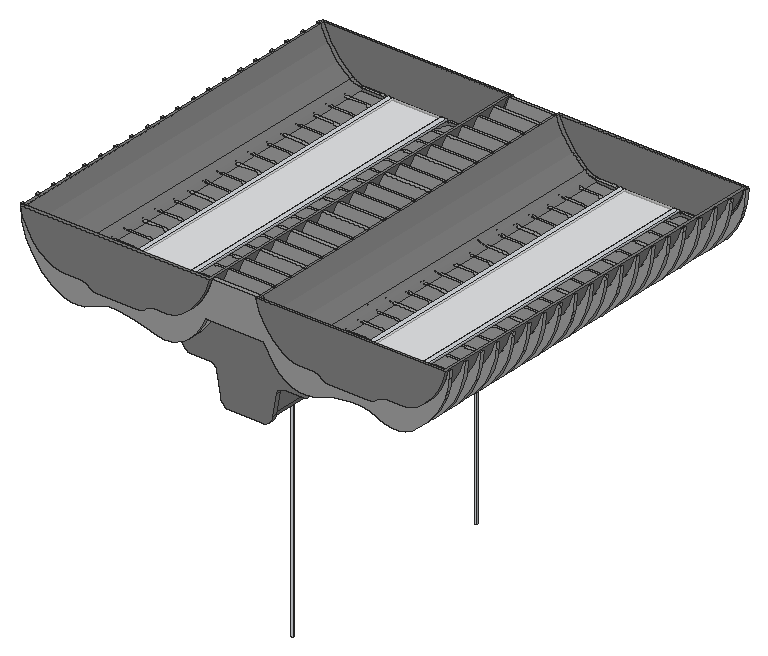
Revit family "0039268 Feilo Sylvania Lighting Fixtures SYLBAY LED 4000K 18-5KLM AISLE DALI", category Lighting Fixtures, host Face, Revit 2017 (continued)
Definition of nested family "SylbayBody"
  Definition of nested family "SlybayRib"
    Dimensions and locks
      locked: plane 3 "Center (Left/Right)" to Extrusion 2 sketch curve at 83.982  (x2)
      locked: plane 3 "Center (Left/Right)" to Extrusion 2 sketch curve at 79.005  (x2)
      locked: plane 3 "Center (Left/Right)" to Extrusion 2 sketch curve at 119.907  (x2)
      locked: plane 3 "Center (Left/Right)" to Extrusion 2 sketch curve at 61.405  (x2)
      locked: plane 3 "Center (Left/Right)" to Extrusion 2 sketch curve at 138.973  (x2)
      locked: plane 3 "Center (Left/Right)" to Extrusion 2 sketch curve at 84.583  (x2)
      locked: plane 3 "Center (Left/Right)" to Extrusion 2 sketch curve at 117.917  (x2)
      locked: plane 3 "Center (Left/Right)" to Extrusion 2 sketch curve at 132.583  (x2)
      locked: plane 3 "Center (Left/Right)" to Extrusion 2 sketch curve at 69.917  (x2)
      locked: Extrusion 2 sketch curve to plane 6 at 21.825  (x2)
      locked: Extrusion 2 sketch curve to plane 6 at 0.822  (x2)
      locked: plane 6 to Extrusion 2 sketch curve at 10.994  (x2)
      locked: plane 6 to Extrusion 2 sketch curve at 15.285  (x2)
      locked: plane 6 to Extrusion 2 sketch curve at 31.076  (x2)
      locked: plane 6 to Extrusion 2 sketch curve at 33.728  (x4)
      locked: plane 6 to Extrusion 2 sketch curve at 29.917  (x2)
      locked: plane 6 to Extrusion 2 sketch curve at 47.728  (x4)
      locked: plane 6 to Extrusion 2 sketch curve at 100.413  (x2)
      locked: plane 6 to Extrusion 2 sketch curve at 141.419  (x2)
      locked: plane 3 "Center (Left/Right)" to Extrusion 2 sketch curve at 106.788  (x2)
      locked: plane 3 "Center (Left/Right)" to Extrusion 2 sketch curve at 104.198  (x2)
      locked: plane 3 "Center (Left/Right)" to Extrusion 2 sketch curve at 130.69  (x2)
      locked: Extrusion 2 sketch curve to plane 6 at 14.858  (x2)
      locked: plane 6 to Extrusion 2 sketch curve at 10.032  (x2)
      locked: plane 3 "Center (Left/Right)" to Extrusion 2 sketch curve at 145.75  (x2)
      aligned and locked: plane 2 to Extrusion 1
      aligned and locked: level to Extrusion 1
      aligned and locked: plane 6 to Extrusion 2 sketch curve
      aligned and locked: plane 4 to Extrusion 2 sketch curve
      aligned and locked: plane 17 to Extrusion 2 sketch curve
      aligned and locked: plane 14 to Extrusion 2 sketch curve
      aligned and locked: Extrusion 2 sketch curve to plane 17
      aligned and locked: plane 8 to Extrusion 2 sketch curve  (x3)
      aligned and locked: plane 2 to plane 6
      aligned and locked: plane 20 to Extrusion 2 sketch curve
      aligned and locked: plane 11 to Extrusion 2 sketch curve  (x2)
      aligned and locked: plane 12 to Extrusion 2 sketch curve
      aligned and locked: Extrusion 2 sketch curve to plane 6
      aligned and locked: Extrusion 2 sketch curve to level
      aligned and locked: Extrusion 2 sketch curve to plane 11
    Automatic sketch dimensions
      Extrusion 1 sketch curve to Extrusion 1 sketch curve = 2438.4 mm  (x2)
      Extrusion 2 sketch curve to plane 11 = 0 mm  (x6)
      Extrusion 2 sketch curve to plane 8 = 0 mm  (x7)
      Extrusion 2 sketch curve to plane 17 = 0 mm
      Extrusion 2 sketch curve to plane 5 = 0 mm
      Extrusion 2 sketch curve to plane 14 = 0 mm
      Extrusion 2 sketch curve to plane 17 = 2 mm  (x3)
      Extrusion 2 sketch curve to plane 15 = 1.167 mm
      plane 14 to Extrusion 2 sketch curve = 2 mm  (x3)
      Extrusion 2 sketch curve to plane 19 = 1.167 mm
Definition of nested family "SlybayRib"
  Parameters (values of type "SylbayRib")
    URL = "http://www.feilosylvania.com"
    Type Image = (empty or 0)
    Type Comments = "n/a"
    RibThickness_FEILO = 2.5 mm
    RibExtrusionStart_FEILO = RibThickness_FEILO / 2  # 1.25 mm
    RibExtrusionEnd_FEILO = -RibThickness_FEILO / 2  # -1.25 mm
    RibDistance_FEILO = 0 mm
    Model = ""
    Manufacturer = "Feilo Sylvania"
    Keynote = ""
    Description = "n/a"
    Default Elevation = 1219.2 mm
    Cost = 0
    BodyMaterial = none
    Assembly Code = ""
  Reference planes
    plane 1 "Center (Front/Back)": y = 0
    plane 2: z = 0
    plane 3 "Center (Left/Right)": x = 0
    plane 4: x = -187.5
    plane 5: x = 187.5
    plane 6: z = 0
    plane 7: z = -62.478
    plane 8: z = -53.728
    plane 9: x = -102.75
    plane 10: x = 102.75
    plane 11: z = -33.728
    plane 12: x = -185.5
    plane 13: x = -20
    plane 14: z = -43.728
    plane 15: x = -122.75
    plane 16: x = -82.75
    plane 17: z = -37.728
    plane 18: x = -130.75
    plane 19: x = -74.75
    plane 20: x = -145.75
    plane 21: x = -59.75
    plane 22: x = -25.3
  Forms (mm)
    Extrusion 1, solid
      sketch origin (4.2, 0, 0) x (1, 0, 0) y (0, 1, 0)
        loop
          line (-1219.2, 1219.2) -> (-1219.2, -1219.2) -> (1219.2, -1219.2) -> (1219.2, 1219.2) -> (-1219.2, 1219.2)
      from 0 to -304.8
    Extrusion 2, solid, material <- "BodyMaterial"
      sketch origin (0, 0, 0) x (1, 0, 0) y (0, 0, 1)
        loop
          arc (-187.5, 0) -> (-180.003, -30.129) -> (-159.829, -53.728) r 67.598
          arc (-159.829, -53.728) -> (-143.258, -61.567) -> (-125.169, -58.599) r 30.791
          arc (-125.169, -58.599) -> (-113.533, -54.576) -> (-101.25, -53.728) r 46.777
          arc (-101.25, -53.728) -> (-87.202, -55.765) -> (-73.664, -60.037) r 87.865
          arc (-73.664, -60.037) -> (-55.541, -61.903) -> (-39.258, -53.728) r 32.519
          arc (-39.258, -53.728) -> (-31.199, -44.469) -> (-25.254, -33.728) r 58.361
          line (-25.254, -33.728) -> (25.254, -33.728)
          arc (25.254, -33.728) -> (31.199, -44.469) -> (39.258, -53.728) r 58.361
          arc (39.258, -53.728) -> (55.541, -61.903) -> (73.664, -60.037) r 32.519
          arc (73.664, -60.037) -> (87.202, -55.765) -> (101.25, -53.728) r 87.865
          arc (101.25, -53.728) -> (113.533, -54.576) -> (125.169, -58.599) r 46.777
          arc (125.169, -58.599) -> (143.258, -61.567) -> (159.829, -53.728) r 30.791
          arc (159.829, -53.728) -> (180.003, -30.129) -> (187.5, 0) r 67.598
          line (187.5, 0) -> (185.5, 0)
          arc (185.5, 0) -> (176.046, -19.314) -> (160.088, -33.728) r 56.788
          arc (160.088, -33.728) -> (153.193, -36.71) -> (145.75, -37.728) r 27.697
          line (145.75, -37.728) -> (132.583, -37.728)
          arc (132.583, -37.728) -> (129.421, -38.242) -> (126.583, -39.728) r 10
          line (126.583, -39.728) -> (123.917, -41.728)
          arc (123.917, -41.728) -> (121.079, -43.215) -> (117.917, -43.728) r 10
          line (117.917, -43.728) -> (84.583, -43.728)
          arc (84.583, -43.728) -> (81.421, -43.215) -> (78.583, -41.728) r 10
          line (78.583, -41.728) -> (75.917, -39.728)
          arc (75.917, -39.728) -> (73.079, -38.242) -> (69.917, -37.728) r 10
          line (69.917, -37.728) -> (58.25, -37.728)
          arc (58.25, -37.728) -> (51.55, -36.705) -> (45.461, -33.728) r 22.443
          arc (45.461, -33.728) -> (30.027, -18.905) -> (20, 0) r 67.602
          line (20, 0) -> (-20, 0)
          arc (-20, 0) -> (-30.027, -18.905) -> (-45.461, -33.728) r 67.602
          arc (-45.461, -33.728) -> (-51.55, -36.705) -> (-58.25, -37.728) r 22.443
          line (-58.25, -37.728) -> (-69.917, -37.728)
          arc (-69.917, -37.728) -> (-73.079, -38.242) -> (-75.917, -39.728) r 10
          line (-75.917, -39.728) -> (-78.583, -41.728)
          arc (-78.583, -41.728) -> (-81.421, -43.215) -> (-84.583, -43.728) r 10
          line (-84.583, -43.728) -> (-117.917, -43.728)
          arc (-117.917, -43.728) -> (-121.079, -43.215) -> (-123.917, -41.728) r 10
          line (-123.917, -41.728) -> (-126.583, -39.728)
          arc (-126.583, -39.728) -> (-129.421, -38.242) -> (-132.583, -37.728) r 10
          line (-132.583, -37.728) -> (-145.75, -37.728)
          arc (-145.75, -37.728) -> (-153.193, -36.71) -> (-160.088, -33.728) r 27.697
          arc (-160.088, -33.728) -> (-176.046, -19.314) -> (-185.5, 0) r 56.788
          line (-185.5, 0) -> (-187.5, 0)
      from 1.25 <- "RibExtrusionStart_FEILO" to -1.25 <- "RibExtrusionEnd_FEILO"
  Dimensions and locks
    equal spacing: plane 5, plane 3 "Center (Left/Right)", plane 4
    locked: plane 5 to plane 4 at 375
    locked: plane 6 to plane 7 at 62.478
    locked: plane 6 to plane 8 at 53.728
    equal spacing: plane 10, plane 3 "Center (Left/Right)", plane 9
    plane 3 "Center (Left/Right)" to plane 9 = 102.75 mm
    locked: plane 6 to plane 11 at 33.728
    equal spacing: plane 13, plane 9, plane 12
    locked: plane 14 to plane 8 at 10
    equal spacing: plane 16, plane 9, plane 15
    locked: plane 9 to plane 15 at 20
    locked: plane 17 to plane 14 at 6
    equal spacing: plane 19, plane 9, plane 18
    locked: plane 15 to plane 18 at 8
    equal spacing: plane 21, plane 9, plane 20
    locked: plane 18 to plane 20 at 15
    locked: plane 13 to plane 22 at 5.3
    locked: plane 3 "Center (Left/Right)" to Extrusion 2 sketch curve at 83.982  (x2)
    locked: plane 3 "Center (Left/Right)" to Extrusion 2 sketch curve at 79.005  (x2)
    locked: plane 3 "Center (Left/Right)" to Extrusion 2 sketch curve at 119.907  (x2)
    locked: plane 3 "Center (Left/Right)" to Extrusion 2 sketch curve at 61.405  (x2)
    locked: plane 3 "Center (Left/Right)" to Extrusion 2 sketch curve at 138.973  (x2)
    locked: plane 3 "Center (Left/Right)" to Extrusion 2 sketch curve at 84.583  (x2)
    locked: plane 3 "Center (Left/Right)" to Extrusion 2 sketch curve at 117.917  (x2)
    locked: plane 3 "Center (Left/Right)" to Extrusion 2 sketch curve at 132.583  (x2)
    locked: plane 3 "Center (Left/Right)" to Extrusion 2 sketch curve at 69.917  (x2)
    locked: Extrusion 2 sketch curve to plane 6 at 21.825  (x2)
    locked: Extrusion 2 sketch curve to plane 6 at 0.822  (x2)
    locked: plane 6 to Extrusion 2 sketch curve at 10.994  (x2)
    locked: plane 6 to Extrusion 2 sketch curve at 15.285  (x2)
    locked: plane 6 to Extrusion 2 sketch curve at 31.076  (x2)
    locked: plane 6 to Extrusion 2 sketch curve at 33.728  (x4)
    locked: plane 6 to Extrusion 2 sketch curve at 29.917  (x2)
    locked: plane 6 to Extrusion 2 sketch curve at 47.728  (x4)
    locked: plane 6 to Extrusion 2 sketch curve at 100.413  (x2)
    locked: plane 6 to Extrusion 2 sketch curve at 141.419  (x2)
    locked: plane 3 "Center (Left/Right)" to Extrusion 2 sketch curve at 106.788  (x2)
    locked: plane 3 "Center (Left/Right)" to Extrusion 2 sketch curve at 104.198  (x2)
    locked: plane 3 "Center (Left/Right)" to Extrusion 2 sketch curve at 130.69  (x2)
    locked: Extrusion 2 sketch curve to plane 6 at 14.858  (x2)
    locked: plane 6 to Extrusion 2 sketch curve at 10.032  (x2)
    locked: plane 3 "Center (Left/Right)" to Extrusion 2 sketch curve at 145.75  (x2)
    aligned and locked: plane 2 to Extrusion 1
    aligned and locked: level to Extrusion 1
    aligned and locked: plane 6 to Extrusion 2 sketch curve
    aligned and locked: plane 4 to Extrusion 2 sketch curve
    aligned and locked: plane 17 to Extrusion 2 sketch curve
    aligned and locked: plane 14 to Extrusion 2 sketch curve
    aligned and locked: Extrusion 2 sketch curve to plane 17
    aligned and locked: plane 8 to Extrusion 2 sketch curve  (x3)
    aligned and locked: plane 2 to plane 6
    aligned and locked: plane 20 to Extrusion 2 sketch curve
    aligned and locked: plane 11 to Extrusion 2 sketch curve  (x2)
    aligned and locked: plane 12 to Extrusion 2 sketch curve
    aligned and locked: Extrusion 2 sketch curve to plane 6
    aligned and locked: Extrusion 2 sketch curve to level
    aligned and locked: Extrusion 2 sketch curve to plane 11
  Automatic sketch dimensions
    Extrusion 1 sketch curve to Extrusion 1 sketch curve = 2438.4 mm  (x2)
    Extrusion 2 sketch curve to plane 11 = 0 mm  (x6)
    Extrusion 2 sketch curve to plane 8 = 0 mm  (x7)
    Extrusion 2 sketch curve to plane 17 = 0 mm
    Extrusion 2 sketch curve to plane 5 = 0 mm
    Extrusion 2 sketch curve to plane 14 = 0 mm
    Extrusion 2 sketch curve to plane 17 = 2 mm  (x3)
    Extrusion 2 sketch curve to plane 15 = 1.167 mm
    plane 14 to Extrusion 2 sketch curve = 2 mm  (x3)
    Extrusion 2 sketch curve to plane 19 = 1.167 mm
